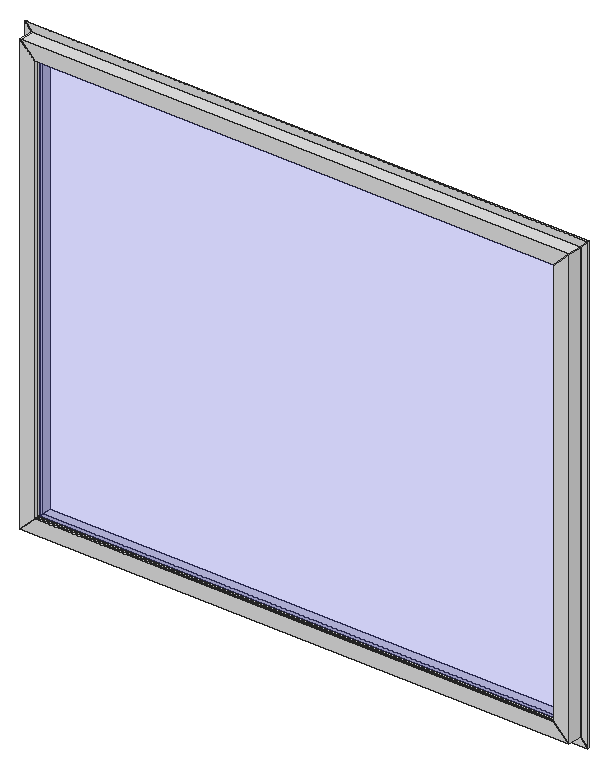
Revit family "511_PW_Stucco-key", category Windows, host Wall, Revit 2016
Family settings
  Host = Wall
  OmniClass Number = 23.30.20.00
  OmniClass Title = Windows
  Always vertical = Yes
  Cut with Voids When Loaded = No
  Shared = No
  Room Calculation Point = No
Parameters (values of type "90x72")
  MLW = 1 / 8 * Width  # 11 1/4"
  Interior Color [instance] = White
  Height = 72"
  Exterior Color [instance] = White
  Default Sill Height = 31.49606"
  Wall Closure = By host
  Width = 90"
Types (188): name | MLW | Interior Color | Height | Exterior Color | Width
  (no name) | 11 1/4" | White | 72" | White | 90"
  24x24 | 3" | none | 24" | none | 24"
  60x60 | 7 1/2" | none | 60" | none | 60"
  12x12Min | 1 1/2" | none | 12" | none | 12"
  60x120Max | 7 1/2" | none | 120" | none | 60"
  72x100Max | 9" | none | 100" | none | 72"
  36x36 | 4 1/2" | none | 36" | none | 36"
  48x48 | 6" | none | 48" | none | 48"
  72x72 | 9" | none | 72" | none | 72"
  84x84 | 10 1/2" | none | 84" | none | 84"
  12x24 | 1 1/2" | none | 24" | none | 12"
  12x30 | 1 1/2" | none | 30" | none | 12"
  12x36 | 1 1/2" | none | 36" | none | 12"
  12x42 | 1 1/2" | none | 42" | none | 12"
  12x48 | 1 1/2" | none | 48" | none | 12"
  12x54 | 1 1/2" | none | 54" | none | 12"
  12x60 | 1 1/2" | none | 60" | none | 12"
  24x12 | 3" | none | 12" | none | 24"
  24x30 | 3" | none | 30" | none | 24"
  12x18 | 1 1/2" | none | 18" | none | 12"
  24x18 | 3" | none | 18" | none | 24"
  24x36 | 3" | none | 36" | none | 24"
  24x42 | 3" | none | 42" | none | 24"
  24x48 | 3" | none | 48" | none | 24"
  24x54 | 3" | none | 54" | none | 24"
  24x60 | 3" | none | 60" | none | 24"
  24x66 | 3" | none | 66" | none | 24"
  24x72 | 3" | none | 72" | none | 24"
  24x78 | 3" | none | 78" | none | 24"
  30x12 | 3 3/4" | none | 12" | none | 30"
  18x12 | 2 1/4" | none | 12" | none | 18"
  18x18 | 2 1/4" | none | 18" | none | 18"
  18x24 | 2 1/4" | none | 24" | none | 18"
  18x30 | 2 1/4" | none | 30" | none | 18"
  18x36 | 2 1/4" | none | 36" | none | 18"
  18x42 | 2 1/4" | none | 42" | none | 18"
  18x48 | 2 1/4" | none | 48" | none | 18"
  18x54 | 2 1/4" | none | 54" | none | 18"
  18x60 | 2 1/4" | none | 60" | none | 18"
  18x66 | 2 1/4" | none | 66" | none | 18"
  30x18 | 3 3/4" | none | 18" | none | 30"
  30x24 | 3 3/4" | none | 24" | none | 30"
  30x30 | 3 3/4" | none | 30" | none | 30"
  30x36 | 3 3/4" | none | 36" | none | 30"
  30x42 | 3 3/4" | none | 42" | none | 30"
  30x48 | 3 3/4" | none | 48" | none | 30"
  30x54 | 3 3/4" | none | 54" | none | 30"
  30x60 | 3 3/4" | none | 60" | none | 30"
  30x66 | 3 3/4" | none | 66" | none | 30"
  30x72 | 3 3/4" | none | 72" | none | 30"
  30x78 | 3 3/4" | none | 78" | none | 30"
  30x84 | 3 3/4" | none | 84" | none | 30"
  30x90 | 3 3/4" | none | 90" | none | 30"
  30x96 | 3 3/4" | none | 96" | none | 30"
  36x12 | 4 1/2" | none | 12" | none | 36"
  36x18 | 4 1/2" | none | 18" | none | 36"
  36x24 | 4 1/2" | none | 24" | none | 36"
  36x30 | 4 1/2" | none | 30" | none | 36"
  36x42 | 4 1/2" | none | 42" | none | 36"
  36x48 | 4 1/2" | none | 48" | none | 36"
  36x54 | 4 1/2" | none | 54" | none | 36"
  36x60 | 4 1/2" | none | 60" | none | 36"
  36x66 | 4 1/2" | none | 66" | none | 36"
  36x72 | 4 1/2" | none | 72" | none | 36"
  36x78 | 4 1/2" | none | 78" | none | 36"
  36x84 | 4 1/2" | none | 84" | none | 36"
  36x90 | 4 1/2" | none | 90" | none | 36"
  36x96 | 4 1/2" | none | 96" | none | 36"
  36x102 | 4 1/2" | none | 102" | none | 36"
  42x12 | 5 1/4" | none | 12" | none | 42"
  42x18 | 5 1/4" | none | 18" | none | 42"
  42x24 | 5 1/4" | none | 24" | none | 42"
  42x30 | 5 1/4" | none | 30" | none | 42"
  42x36 | 5 1/4" | none | 36" | none | 42"
  42x42 | 5 1/4" | none | 42" | none | 42"
  42x48 | 5 1/4" | none | 48" | none | 42"
  42x54 | 5 1/4" | none | 54" | none | 42"
  42x60 | 5 1/4" | none | 60" | none | 42"
  42x66 | 5 1/4" | none | 66" | none | 42"
  42x72 | 5 1/4" | none | 72" | none | 42"
  42x78 | 5 1/4" | none | 78" | none | 42"
  42x84 | 5 1/4" | none | 84" | none | 42"
  42x90 | 5 1/4" | none | 90" | none | 42"
  42x96 | 5 1/4" | none | 96" | none | 42"
  42x102 | 5 1/4" | none | 102" | none | 42"
  42x108 | 5 1/4" | none | 108" | none | 42"
  42x114 | 5 1/4" | none | 114" | none | 42"
  42x120 | 5 1/4" | none | 120" | none | 42"
  48x12 | 6" | none | 12" | none | 48"
  48x18 | 6" | none | 18" | none | 48"
  48x24 | 6" | none | 24" | none | 48"
  48x30 | 6" | none | 30" | none | 48"
  48x36 | 6" | none | 36" | none | 48"
  48x42 | 6" | none | 42" | none | 48"
  48x54 | 6" | none | 54" | none | 48"
  48x60 | 6" | none | 60" | none | 48"
  48x66 | 6" | none | 66" | none | 48"
  48x72 | 6" | none | 72" | none | 48"
  48x78 | 6" | none | 78" | none | 48"
  48x84 | 6" | none | 84" | none | 48"
  48x90 | 6" | none | 90" | none | 48"
  48x96 | 6" | none | 96" | none | 48"
  48x102 | 6" | none | 102" | none | 48"
  48x108 | 6" | none | 108" | none | 48"
  48x114 | 6" | none | 114" | none | 48"
  48x120 | 6" | none | 120" | none | 48"
  54x12 | 6 3/4" | none | 12" | none | 54"
  54x18 | 6 3/4" | none | 18" | none | 54"
  54x24 | 6 3/4" | none | 24" | none | 54"
  54x30 | 6 3/4" | none | 30" | none | 54"
  54x36 | 6 3/4" | none | 36" | none | 54"
  54x42 | 6 3/4" | none | 42" | none | 54"
  54x48 | 6 3/4" | none | 48" | none | 54"
  54x54 | 6 3/4" | none | 54" | none | 54"
  54x60 | 6 3/4" | none | 60" | none | 54"
  54x66 | 6 3/4" | none | 66" | none | 54"
  54x72 | 6 3/4" | none | 72" | none | 54"
  54x78 | 6 3/4" | none | 78" | none | 54"
  54x84 | 6 3/4" | none | 84" | none | 54"
  54x90 | 6 3/4" | none | 90" | none | 54"
  54x96 | 6 3/4" | none | 96" | none | 54"
  54x102 | 6 3/4" | none | 102" | none | 54"
  54x108 | 6 3/4" | none | 108" | none | 54"
  54x114 | 6 3/4" | none | 114" | none | 54"
  54x120 | 6 3/4" | none | 120" | none | 54"
  60x18 | 7 1/2" | none | 18" | none | 60"
  60x24 | 7 1/2" | none | 24" | none | 60"
  60x30 | 7 1/2" | none | 30" | none | 60"
  60x36 | 7 1/2" | none | 36" | none | 60"
  60x42 | 7 1/2" | none | 42" | none | 60"
  60x48 | 7 1/2" | none | 48" | none | 60"
  60x54 | 7 1/2" | none | 54" | none | 60"
  60x66 | 7 1/2" | none | 66" | none | 60"
  60x72 | 7 1/2" | none | 72" | none | 60"
  60x78 | 7 1/2" | none | 78" | none | 60"
  60x84 | 7 1/2" | none | 84" | none | 60"
  60x90 | 7 1/2" | none | 90" | none | 60"
  60x96 | 7 1/2" | none | 96" | none | 60"
  60x102 | 7 1/2" | none | 102" | none | 60"
  60x108 | 7 1/2" | none | 108" | none | 60"
  60x114 | 7 1/2" | none | 114" | none | 60"
  66x24 | 8 1/4" | none | 24" | none | 66"
  66x30 | 8 1/4" | none | 30" | none | 66"
  66x36 | 8 1/4" | none | 36" | none | 66"
  66x42 | 8 1/4" | none | 42" | none | 66"
  66x48 | 8 1/4" | none | 48" | none | 66"
  66x54 | 8 1/4" | none | 54" | none | 66"
  66x60 | 8 1/4" | none | 60" | none | 66"
  66x66 | 8 1/4" | none | 66" | none | 66"
  66x72 | 8 1/4" | none | 72" | none | 66"
  66x78 | 8 1/4" | none | 78" | none | 66"
  66x84 | 8 1/4" | none | 84" | none | 66"
  66x90 | 8 1/4" | none | 90" | none | 66"
  66x96 | 8 1/4" | none | 96" | none | 66"
  66x102 | 8 1/4" | none | 102" | none | 66"
  66x108 | 8 1/4" | none | 108" | none | 66"
  72x30 | 9" | none | 30" | none | 72"
  72x36 | 9" | none | 36" | none | 72"
  72x42 | 9" | none | 42" | none | 72"
  72x48 | 9" | none | 48" | none | 72"
  72x54 | 9" | none | 54" | none | 72"
  72x60 | 9" | none | 60" | none | 72"
  72x66 | 9" | none | 66" | none | 72"
  72x78 | 9" | none | 78" | none | 72"
  72x84 | 9" | none | 84" | none | 72"
  72x90 | 9" | none | 90" | none | 72"
  72x96 | 9" | none | 96" | none | 72"
  78x90 | 9 3/4" | none | 90" | none | 78"
  78x36 | 9 3/4" | none | 36" | none | 78"
  78x42 | 9 3/4" | none | 42" | none | 78"
  78x48 | 9 3/4" | none | 48" | none | 78"
  78x54 | 9 3/4" | none | 54" | none | 78"
  78x60 | 9 3/4" | none | 60" | none | 78"
  78x66 | 9 3/4" | none | 66" | none | 78"
  78x72 | 9 3/4" | none | 72" | none | 78"
  78x78 | 9 3/4" | none | 78" | none | 78"
  78x84 | 9 3/4" | none | 84" | none | 78"
  84x42 | 10 1/2" | none | 42" | none | 84"
  84x48 | 10 1/2" | none | 48" | none | 84"
  84x54 | 10 1/2" | none | 54" | none | 84"
  84x60 | 10 1/2" | none | 60" | none | 84"
  84x66 | 10 1/2" | none | 66" | none | 84"
  84x72 | 10 1/2" | none | 72" | none | 84"
  84x78 | 10 1/2" | none | 78" | none | 84"
  90x78 | 11 1/4" | none | 78" | none | 90"
  90x60 | 11 1/4" | none | 60" | none | 90"
  90x66 | 11 1/4" | none | 66" | none | 90"
  90x72 | 11 1/4" | White | 72" | White | 90"
Reference planes (in)
  plane 1 "Center (Front/Back)": y = 0
  plane 2 "Center (Left/Right)": x = 0
  plane 3 "Left": x = -45
  plane 4 "Right": x = 45
  plane 5 "Sill": z = 31.49606
  plane 6 "Head": z = 103.49606
  plane 7 "Exterior": y = 3.93701
  plane 8 "Interior": y = -3.93701
  plane 9 "Front of wall": y = 3.93701
  plane 10: z = 33.55806
  plane 11: z = 101.45106
  plane 12: x = -42.955
  plane 13: x = 42.937
Forms (in)
  Extrusion 1, solid, material "White" <- "Interior Color"
    sketch origin (0, 0, 0) x (0, -1, 0) y (0, 0, 1)
      loop
        line (-4.41488, 34.06228) -> (-4.41488, 32.14817) -> (-5.01201, 32.06425) -> (-5.01201, 31.29606) -> (-4.94701, 31.29606) -> (-4.94701, 31.49606) -> (-4.01201, 31.49606) -> (-4.01201, 30.24606) -> (-3.93701, 30.24606) -> (-3.93701, 31.49606) -> (-1.51201, 31.49606) -> (-1.51201, 33.87106) -> (-1.88701, 33.87106) -> (-1.88701, 34.05906) -> (-2.13751, 34.05906) -> (-2.13751, 33.55806) -> (-2.88201, 33.55806) -> (-2.88201, 34.06228) -> (-4.41488, 34.06228)
    from -46.25 to 46.25
  Extrusion 2, solid, material "White" <- "Interior Color"
    sketch origin (0, 0, 0) x (0, -1, 0) y (0, 0, 1)
      loop
        line (-4.01201, 104.74606) -> (-4.01201, 103.49606) -> (-4.94701, 103.49606) -> (-4.94701, 103.69606) -> (-5.01201, 103.69606) -> (-5.01201, 102.92787) -> (-4.41495, 102.84396) -> (-4.41495, 100.94771) -> (-2.88201, 100.94771) -> (-2.88201, 101.45106) -> (-2.13751, 101.45106) -> (-2.13751, 100.95106) -> (-1.88701, 100.95106) -> (-1.88701, 101.12106) -> (-1.51201, 101.12106) -> (-1.51201, 103.49606) -> (-3.93701, 103.49606) -> (-3.93701, 104.74606) -> (-4.01201, 104.74606)
    from -46.25 to 46.25
  Extrusion 3, solid, material "White" <- "Interior Color"
    sketch origin (0, 0, 31.49606) x (0, -1, 0) y (1, 0, 0)
      loop
        line (-2.88201, -42.45165) -> (-4.41495, -42.45165) -> (-4.41495, -44.3479) -> (-5.01201, -44.43181) -> (-5.01201, -45.2) -> (-4.94701, -45.2) -> (-4.94701, -45) -> (-4.01201, -45) -> (-4.01201, -46.25) -> (-3.93701, -46.25) -> (-3.93701, -45) -> (-1.51201, -45) -> (-1.51201, -42.625) -> (-1.88701, -42.625) -> (-1.88701, -42.437) -> (-2.13751, -42.437) -> (-2.13751, -42.955) -> (-2.88201, -42.955) -> (-2.88201, -42.45165)
    from -1.25 to 73.25
  Extrusion 4, solid, material "White" <- "Interior Color"
    sketch origin (0, 0, 31.49606) x (0, -1, 0) y (1, 0, 0)
      loop
        line (-5.01201, 44.43181) -> (-4.41495, 44.3479) -> (-4.41495, 42.43365) -> (-2.88201, 42.43365) -> (-2.88201, 42.937) -> (-2.13751, 42.937) -> (-2.13751, 42.437) -> (-1.88701, 42.437) -> (-1.88701, 42.625) -> (-1.51201, 42.625) -> (-1.51201, 45) -> (-3.93701, 45) -> (-3.93701, 46.25) -> (-4.01201, 46.25) -> (-4.01201, 45) -> (-4.94765, 45) -> (-4.94765, 45.2) -> (-5.01201, 45.2) -> (-5.01201, 44.43181)
    from -1.25 to 73.25
  Sweep 5, void
    path in 3D
      loop
        line (42.35727, 12.08595, 103.49606) -> (42.35727, 3.93701, 103.49606)
    profile origin (42.35727, 8.01148, 103.49606) x (1, 0, 0) y (0, 0, 1)
      loop
        line (4.34438, 1.70165) -> (-0.40226, 1.70165) -> (-0.40226, -2.54835) -> (1.99063, -2.54835) -> (1.99063, -0.6521) -> (4.34438, 1.70165)
  Sweep 6, void
    path in 3D
      loop
        line (42.35727, 12.08595, 103.49606) -> (42.35727, 3.93701, 103.49606)
    profile origin (42.35727, 8.01148, 103.49606) x (1, 0, 0) y (0, 0, 1)
      loop
        line (1.99063, -0.6521) -> (1.99063, -3.22812) -> (4.24063, -3.22812) -> (4.24063, 1.5979) -> (1.99063, -0.6521)
  Sweep 7, void
    path in 3D
      loop
        line (-39.97555, 11.67142, 103.49606) -> (-39.97555, 3.93701, 103.49606)
    profile origin (-39.97555, 7.80422, 103.49606) x (1, 0, 0) y (0, 0, 1)
      loop
        line (-6.4761, 1.45165) -> (-4.37235, -0.6521) -> (-4.37235, -2.54835) -> (-2.05006, -2.54835) -> (-2.05006, 1.45165) -> (-6.4761, 1.45165)
  Sweep 8, void
    path in 3D
      loop
        line (-39.97555, 11.67142, 103.49606) -> (-39.97555, 3.93701, 103.49606)
    profile origin (-39.97555, 7.80422, 103.49606) x (1, 0, 0) y (0, 0, 1)
      loop
        line (-7.10729, 2.08284) -> (-7.10729, -3.32175) -> (-4.37235, -3.03429) -> (-4.37235, -0.6521) -> (-7.10729, 2.08284)
  Sweep 9, void
    path in 3D
      loop
        line (-38.47555, 11.67142, 31.49606) -> (-38.47555, 3.93701, 31.49606)
    profile origin (-38.47555, 7.80422, 31.49606) x (1, 0, 0) y (0, 0, 1)
      loop
        line (-8.06956, -1.54511) -> (-3.49602, -1.54511) -> (-3.49602, 2.56621) -> (-5.87235, 2.56621) -> (-5.87235, 0.6521) -> (-8.06956, -1.54511)
  Sweep 10, void
    path in 3D
      loop
        line (-38.47555, 11.67142, 31.49606) -> (-38.47555, 3.93701, 31.49606)
    profile origin (-38.47555, 7.80422, 31.49606) x (1, 0, 0) y (0, 0, 1)
      loop
        line (-5.87235, 0.6521) -> (-5.87235, 2.9021) -> (-8.03999, 2.9021) -> (-8.03999, -1.51554) -> (-5.87235, 0.6521)
  Sweep 11, void
    path in 3D
      loop
        line (40.85727, 12.08595, 31.49606) -> (40.85727, 3.93701, 31.49606)
    profile origin (40.85727, 8.01148, 31.49606) x (1, 0, 0) y (0, 0, 1)
      loop
        line (5.62605, -1.48331) -> (3.49063, 0.6521) -> (3.49063, 2.56621) -> (1.24063, 2.56621) -> (1.24063, -1.48331) -> (5.62605, -1.48331)
  Sweep 12, void
    path in 3D
      loop
        line (40.85727, 12.08595, 31.49606) -> (40.85727, 3.93701, 31.49606)
    profile origin (40.85727, 8.01148, 31.49606) x (1, 0, 0) y (0, 0, 1)
      loop
        line (5.80857, -1.66584) -> (5.80857, 3.1521) -> (3.49063, 3.1521) -> (3.49063, 0.6521) -> (5.80857, -1.66584)
  Extrusion 13, void
    sketch origin (0, 3.93701, 0) x (1, 0, 0) y (0, 0, 1)
      loop
        line (-47.08284, 105.5789) -> (-47.08284, 100.13731) -> (-41.64124, 100.13731) -> (-47.08284, 105.5789)
    from 0 to 12
  Extrusion 14, void
    sketch origin (0, 3.93701, 0) x (1, 0, 0) y (0, 0, 1)
      loop
        line (-42.13892, 100.63498) -> (-42.13892, 105.74399) -> (-47.24792, 105.74399) -> (-42.13892, 100.63498)
    from 0 to 12
  Extrusion 15, void
    sketch origin (0, 3.93701, 0) x (1, 0, 0) y (0, 0, 1)
      loop
        line (47, 105.49606) -> (41.64124, 105.49606) -> (41.64124, 100.13731) -> (47, 105.49606)
    from 0 to 12
  Extrusion 16, void
    sketch origin (0, 3.93701, 0) x (1, 0, 0) y (0, 0, 1)
      loop
        line (48.25984, 106.75591) -> (41.81802, 100.31408) -> (48.25984, 100.31408) -> (48.25984, 106.75591)
    from 0 to 12
  Extrusion 17, void
    sketch origin (0, 3.93701, 0) x (1, 0, 0) y (0, 0, 1)
      loop
        line (41.47253, 35.02353) -> (41.47253, 28.8536) -> (47.64247, 28.8536) -> (41.47253, 35.02353)
    from 0 to 12
  Extrusion 18, void
    sketch origin (0, 3.93701, 0) x (1, 0, 0) y (0, 0, 1)
      loop
        line (47.25984, 29.23622) -> (47.25984, 34.67804) -> (41.81802, 34.67804) -> (47.25984, 29.23622)
    from 0 to 12
  Extrusion 19, void
    sketch origin (0, 3.93701, 0) x (1, 0, 0) y (0, 0, 1)
      loop
        line (-41.97981, 34.53411) -> (-48.17084, 34.53411) -> (-48.17084, 28.34308) -> (-41.97981, 34.53411)
    from 0 to 12
  Extrusion 20, void
    sketch origin (0, 3.93701, 0) x (1, 0, 0) y (0, 0, 1)
      loop
        line (-42.21929, 34.29463) -> (-47.51786, 28.99606) -> (-42.21929, 28.99606) -> (-42.21929, 34.29463)
    from 0 to 12
  Extrusion 21, solid, material "Glass"
    sketch origin (0, 0, 0) x (0, -1, 0) y (0, 0, 1)
      loop
        line (-2.88201, 101.45106) -> (-2.88201, 33.55806) -> (-2.13751, 33.55806) -> (-2.13751, 101.45106) -> (-2.88201, 101.45106)
    from -42.937 to 42.955
Cuts and joins
  Sweep 5, Sweep 11, Extrusion 15, Extrusion 17 cuts Extrusion 4
  Sweep 6, Sweep 8, Extrusion 13, Extrusion 16 cuts Extrusion 2
  Sweep 7, Sweep 9, Extrusion 14, Extrusion 20 cuts Extrusion 3
  Sweep 10, Sweep 12, Extrusion 18, Extrusion 19 cuts Extrusion 1
Lines and regions (in)
  Opening 1
    outline origin (137.79528, -3.93701, 0) x (1, 0, 0) y (0, 0, 1)
      loop
        line (-92.79528, 31.49606) -> (-92.79528, 103.49606) -> (-182.79528, 103.49606) -> (-182.79528, 31.49606) -> (-92.79528, 31.49606)
  reference lines
    curve 1: line (-39.97555, 11.67142, 103.49606) -> (-39.97555, 3.93701, 103.49606)
    curve 2: line (-38.47555, 11.67142, 31.49606) -> (-38.47555, 3.93701, 31.49606)
    curve 3: line (40.85727, 12.08595, 31.49606) -> (40.85727, 3.93701, 31.49606)
    curve 4: line (42.35727, 12.08595, 103.49606) -> (42.35727, 3.93701, 103.49606)
    curve 13: line (2.5, 3.93701, 69.99606) -> (-2.5, 3.93701, 69.99606)
    curve 14: line (2.5, 3.93701, 64.99606) -> (2.5, 3.93701, 69.99606)
    curve 15: line (-2.5, 3.93701, 64.99606) -> (2.5, 3.93701, 64.99606)
    curve 16: line (-2.5, 3.93701, 69.99606) -> (-2.5, 3.93701, 64.99606)
    curve 20: line (0, 3.93701, 64.99606) -> (0, 3.93701, 71.49606)
    curve 21: line (2.5, 3.93701, 67.49606) -> (-5, 3.93701, 67.49606)
    curve 22: line (2.5, 0, 69.99606) -> (-2.5, 0, 69.99606)
    curve 23: line (2.5, 0, 64.99606) -> (2.5, 0, 69.99606)
    curve 24: line (-2.5, 0, 64.99606) -> (2.5, 0, 64.99606)
    curve 25: line (-2.5, 0, 69.99606) -> (-2.5, 0, 64.99606)
    curve 26: line (0, 0, 64.99606) -> (0, 0, 72.49606)
    curve 27: line (2.5, 0, 67.49606) -> (-4.5, 0, 67.49606)
  sketch lines
    curve 5: line (42.35727, 12.08595, 103.49606) -> (42.35727, 3.93701, 103.49606)
    curve 6: line (42.35727, 12.08595, 103.49606) -> (42.35727, 3.93701, 103.49606)
    curve 7: line (-39.97555, 11.67142, 103.49606) -> (-39.97555, 3.93701, 103.49606)
    curve 8: line (-39.97555, 11.67142, 103.49606) -> (-39.97555, 3.93701, 103.49606)
    curve 9: line (-38.47555, 11.67142, 31.49606) -> (-38.47555, 3.93701, 31.49606)
    curve 10: line (-38.47555, 11.67142, 31.49606) -> (-38.47555, 3.93701, 31.49606)
    curve 11: line (40.85727, 12.08595, 31.49606) -> (40.85727, 3.93701, 31.49606)
    curve 12: line (40.85727, 12.08595, 31.49606) -> (40.85727, 3.93701, 31.49606)
  model lines
    curve 17: line (2.5, 3.93701, 69.99606) -> (-2.5, 3.93701, 64.99606)
    curve 18: line (-2.5, 3.93701, 67.49606) -> (0, 3.93701, 69.99606)
    curve 19: line (0, 3.93701, 64.99606) -> (2.5, 3.93701, 67.49606)
  symbolic lines
    curve 28: line (0, 0, 64.99606) -> (2.5, 0, 67.49606)
    curve 29: line (0, 0, 69.99606) -> (-2.5, 0, 67.49606)
    curve 30: line (-2.5, 0, 64.99606) -> (2.5, 0, 69.99606)
Text (in)
  text "EXTERIOR" at (-77.29147, 52.45485, 0), in view "Ref. Level"
  text "INTERIOR" at (-78.01048, -32.21994, 0), in view "Ref. Level"
  text "Exterior" at (0, 36.36817, 115.8778), in view "Right"
  text "Exterior" at (0, 40.96394, 105.72475), in view "Left"
Dimensions and locks (in)
  equal spacing: plane 3 "Left", plane 2 "Center (Left/Right)", plane 4 "Right"
  "Width": plane 3 "Left" to plane 4 "Right"
  "Height": plane 5 "Sill" to plane 6 "Head"
  "Default Sill Height": plane 5 "Sill" to level
  locked: plane 7 "Exterior" to host wall at 0
  locked: plane 8 "Interior" to host wall
  locked: plane 5 "Sill" to plane 10 at 2.062
  locked: Extrusion 1 sketch curve to plane 5 "Sill" at 1.25
  locked: plane 9 "Front of wall" to Extrusion 1 sketch curve at 2.425
  locked: Extrusion 1 sketch curve to Extrusion 1 sketch curve at 2.375
  locked: plane 11 to plane 6 "Head" at 2.045
  locked: Extrusion 2 sketch curve to Extrusion 2 sketch curve at 2.375
  locked: plane 9 "Front of wall" to Extrusion 2 sketch curve at 2.425
  locked: plane 6 "Head" to Extrusion 2 sketch curve at 1.25
  locked: plane 13 to plane 4 "Right" at 2.063
  locked: plane 3 "Left" to plane 12 at 2.045
  locked: Extrusion 3 sketch curve to plane 9 "Front of wall" at 2.425
  locked: Extrusion 3 sketch curve to Extrusion 3 sketch curve at 2.375
  locked: Extrusion 3 sketch curve to plane 3 "Left" at 1.25
  locked: Extrusion 4 sketch curve to plane 9 "Front of wall" at 2.425
  locked: Extrusion 4 sketch curve to Extrusion 4 sketch curve at 2.375
  locked: plane 4 "Right" to Extrusion 4 sketch curve at 1.25
  equal spacing: curve 18, curve 17, curve 19
  locked: curve 14 to curve 16 at 5
  locked: curve 15 to curve 13 at 5
  equal spacing: curve 16, curve 20, curve 14
  equal spacing: curve 15, curve 21, curve 13
  equal spacing: plane 5 "Sill", curve 21, plane 6 "Head"
  equal spacing: plane 3 "Left", curve 20, plane 4 "Right"
  locked: curve 23 to curve 25 at 5
  locked: curve 24 to curve 22 at 5
  equal spacing: curve 25, curve 26, curve 23
  equal spacing: curve 24, curve 27, curve 22
  locked: curve 25 to curve 29 at 2.5
  locked: curve 25 to curve 28 at 2.5
  locked: curve 28 to curve 24 at 2.5
  locked: curve 29 to curve 24 at 2.5
  locked: curve 23 to curve 30 at 5
  equal spacing: plane 6 "Head", curve 27, plane 5 "Sill"
  equal spacing: plane 3 "Left", curve 26, plane 4 "Right"
  aligned and locked: plane 9 "Front of wall" to host wall
  aligned and locked: plane 10 to Extrusion 1 sketch curve
  aligned and locked: Extrusion 1 sketch curve to plane 9 "Front of wall"
  aligned and locked: Extrusion 1 sketch curve to plane 5 "Sill"  (x2)
  aligned and locked: plane 11 to Extrusion 2 sketch curve
  aligned and locked: plane 9 "Front of wall" to Extrusion 2 sketch curve
  aligned and locked: Extrusion 2 sketch curve to plane 6 "Head"  (x2)
  aligned and locked: plane 9 "Front of wall" to Extrusion 3 sketch curve
  aligned and locked: plane 3 "Left" to Extrusion 3 sketch curve  (x2)
  aligned and locked: Extrusion 3 sketch curve to plane 12
  aligned and locked: plane 9 "Front of wall" to Extrusion 4 sketch curve
  aligned and locked: Extrusion 4 sketch curve to plane 4 "Right"  (x2)
  aligned and locked: plane 13 to Extrusion 4 sketch curve
  aligned and locked: Extrusion 4 to Extrusion 1  (x2)
  aligned and locked: Extrusion 1 to Extrusion 3  (x2)
  aligned and locked: Extrusion 2 to Extrusion 4  (x2)
  aligned and locked: Extrusion 3 to Extrusion 2  (x2)
  aligned and locked: plane 9 "Front of wall" to curve 3
  aligned and locked: plane 9 "Front of wall" to curve 4
  aligned and locked: plane 9 "Front of wall" to curve 2
  aligned and locked: plane 9 "Front of wall" to curve 1
  aligned and locked: plane 11 to Extrusion 21 sketch curve
  aligned and locked: plane 10 to Extrusion 21 sketch curve
  aligned and locked: Extrusion 21 to plane 13
  aligned and locked: plane 12 to Extrusion 21
  aligned and locked: curve 13 to curve 16
  aligned and locked: curve 16 to curve 16
  aligned and locked: curve 14 to curve 14
  aligned and locked: curve 16 to curve 17
  aligned and locked: curve 17 to curve 13
  aligned and locked: curve 13 to curve 18
  aligned and locked: curve 16 to curve 18
  aligned and locked: curve 15 to curve 19
  aligned and locked: curve 14 to curve 19
  aligned and locked: curve 22 to curve 25
  aligned and locked: curve 25 to curve 25
  aligned and locked: curve 23 to curve 23
  aligned and locked: curve 25 to curve 29
  aligned and locked: curve 24 to curve 28
  aligned and locked: curve 23 to curve 28
  aligned and locked: curve 22 to curve 29
  aligned and locked: curve 23 to curve 30
  aligned and locked: curve 30 to curve 24
Automatic sketch dimensions
  Opening 1 sketch curve to plane 3 "Left" = 0"
  Opening 1 sketch curve to plane 4 "Right" = 0"
  Opening 1 sketch curve to plane 5 "Sill" = 0"
  Opening 1 sketch curve to plane 6 "Head" = 0"
  Extrusion 1 sketch curve to plane 10 = 0.50421"
  host wall to Extrusion 1 sketch curve = 0.47787"
  Extrusion 1 sketch curve to Extrusion 1 sketch curve = 0.188"
  Extrusion 1 sketch curve to Extrusion 1 sketch curve = 3/8"
  Extrusion 1 sketch curve to plane 5 "Sill" = 0.65211"
  Extrusion 1 sketch curve to Extrusion 1 sketch curve = 0.59713"
  Extrusion 1 sketch curve to plane 5 "Sill" = 0.56819"
  plane 5 "Sill" to Extrusion 1 sketch curve = 0.2"
  Extrusion 1 sketch curve to Extrusion 1 sketch curve = 0.065"
  host wall to Extrusion 1 sketch curve = 0.075"
  host wall to Extrusion 2 sketch curve = 0.075"
  Extrusion 2 sketch curve to plane 6 "Head" = 0.2"
  Extrusion 2 sketch curve to Extrusion 2 sketch curve = 0.935"
  Extrusion 2 sketch curve to Extrusion 2 sketch curve = 0.065"
  Extrusion 2 sketch curve to Extrusion 2 sketch curve = 0.6255"
  Extrusion 2 sketch curve to Extrusion 2 sketch curve = 0.2505"
  plane 6 "Head" to Extrusion 2 sketch curve = 0.56819"
  Extrusion 2 sketch curve to Extrusion 2 sketch curve = 0.17"
  Extrusion 2 sketch curve to Extrusion 2 sketch curve = 0.7445"
  host wall to Extrusion 2 sketch curve = 0.47794"
  Extrusion 2 sketch curve to Extrusion 2 sketch curve = 0.08391"
  host wall to Extrusion 3 sketch curve = 0.47794"
  Extrusion 3 sketch curve to plane 3 "Left" = 0.6521"
  Extrusion 3 sketch curve to Extrusion 3 sketch curve = 0.075"
  Extrusion 3 sketch curve to Extrusion 3 sketch curve = 0.53206"
  plane 3 "Left" to Extrusion 3 sketch curve = 0.2"
  Extrusion 3 sketch curve to Extrusion 3 sketch curve = 0.065"
  Extrusion 3 sketch curve to plane 3 "Left" = 0.56819"
  Extrusion 3 sketch curve to Extrusion 3 sketch curve = 0.7445"
  Extrusion 3 sketch curve to Extrusion 3 sketch curve = 0.2505"
  Extrusion 3 sketch curve to Extrusion 3 sketch curve = 3/8"
  Extrusion 3 sketch curve to Extrusion 3 sketch curve = 0.188"
  host wall to Extrusion 4 sketch curve = 0.47794"
  plane 4 "Right" to Extrusion 4 sketch curve = 0.6521"
  Extrusion 4 sketch curve to Extrusion 4 sketch curve = 0.59706"
  plane 4 "Right" to Extrusion 4 sketch curve = 0.56819"
  host wall to Extrusion 4 sketch curve = 0.075"
  Extrusion 4 sketch curve to plane 4 "Right" = 0.2"
  Extrusion 4 sketch curve to Extrusion 4 sketch curve = 0.06436"
  Extrusion 4 sketch curve to Extrusion 4 sketch curve = 3/8"
  Extrusion 4 sketch curve to Extrusion 4 sketch curve = 0.7445"
  plane 13 to Extrusion 4 sketch curve = 0.50335"
  plane 13 to curve 3 = 2.07973"
  host wall to curve 2 = 7.73442"
  curve 3 to curve 3 = 8.14894"
  curve 2 to plane 12 = 4.47945"
  curve 1 to plane 12 = 2.97945"
  host wall to curve 1 = 7.73442"
  plane 13 to curve 4 = 0.57973"
  host wall to curve 4 = 8.14894"
  profile plane to Sweep 5 sketch curve = 0.40226"
  Sweep 5 sketch curve to profile plane = 1.99063"
  Sweep 5 sketch curve to profile plane = 2.54835"
  Sweep 5 sketch curve to profile plane = 0.6521"
  Sweep 5 sketch curve to profile plane = 4.34438"
  profile plane to Sweep 5 sketch curve = 1.70165"
  Sweep 6 sketch curve to profile plane = 1.99063"
  Sweep 6 sketch curve to profile plane = 3.22812"
  Sweep 6 sketch curve to profile plane = 0.6521"
  Sweep 6 sketch curve to Sweep 6 sketch curve = 2 1/4"
  profile plane to Sweep 6 sketch curve = 1.5979"
  Sweep 7 sketch curve to profile plane = 0.6521"
  profile plane to Sweep 7 sketch curve = 4.37235"
  profile plane to Sweep 7 sketch curve = 2.05006"
  Sweep 7 sketch curve to profile plane = 2.54835"
  Sweep 7 sketch curve to Sweep 7 sketch curve = 2.10375"
  profile plane to Sweep 7 sketch curve = 1.45165"
  profile plane to Sweep 8 sketch curve = 4.37235"
  Sweep 8 sketch curve to profile plane = 3.03429"
  Sweep 8 sketch curve to profile plane = 0.6521"
  profile plane to Sweep 8 sketch curve = 2.08284"
  Sweep 8 sketch curve to Sweep 8 sketch curve = 2.73494"
  Sweep 8 sketch curve to profile plane = 3.32175"
  profile plane to Sweep 9 sketch curve = 0.6521"
  profile plane to Sweep 9 sketch curve = 5.87235"
  Sweep 9 sketch curve to Sweep 9 sketch curve = 2.37633"
  profile plane to Sweep 9 sketch curve = 2.56621"
  Sweep 9 sketch curve to profile plane = 1.54511"
  Sweep 9 sketch curve to Sweep 9 sketch curve = 2.19721"
  profile plane to Sweep 10 sketch curve = 2.9021"
  profile plane to Sweep 10 sketch curve = 5.87235"
  profile plane to Sweep 10 sketch curve = 0.6521"
  Sweep 10 sketch curve to Sweep 10 sketch curve = 2.16764"
  Sweep 10 sketch curve to profile plane = 1.51554"
  Sweep 11 sketch curve to profile plane = 1.24063"
  Sweep 11 sketch curve to Sweep 11 sketch curve = 2 1/4"
  profile plane to Sweep 11 sketch curve = 0.6521"
  profile plane to Sweep 11 sketch curve = 2.56621"
  Sweep 11 sketch curve to Sweep 11 sketch curve = 4.38541"
  Sweep 11 sketch curve to profile plane = 1.48331"
  profile plane to Sweep 12 sketch curve = 0.6521"
  Sweep 12 sketch curve to profile plane = 3.49063"
  Sweep 12 sketch curve to Sweep 12 sketch curve = 2 1/2"
  Sweep 12 sketch curve to profile plane = 1.66584"
  Sweep 12 sketch curve to Sweep 12 sketch curve = 2.31794"
  plane 3 "Left" to Extrusion 13 sketch curve = 2.08284"
  Extrusion 13 sketch curve to plane 6 "Head" = 2.08284"
  Extrusion 13 sketch curve to plane 12 = 1.31376"
  plane 11 to Extrusion 13 sketch curve = 1.31376"
  plane 3 "Left" to Extrusion 14 sketch curve = 2.24792"
  Extrusion 14 sketch curve to plane 6 "Head" = 2.24792"
  Extrusion 14 sketch curve to plane 12 = 0.81608"
  plane 11 to Extrusion 14 sketch curve = 0.81608"
  Extrusion 15 sketch curve to plane 4 "Right" = 2"
  Extrusion 15 sketch curve to plane 6 "Head" = 2"
  plane 13 to Extrusion 15 sketch curve = 1.29576"
  plane 11 to Extrusion 15 sketch curve = 1.31376"
  Extrusion 16 sketch curve to plane 6 "Head" = 3.25984"
  plane 13 to Extrusion 16 sketch curve = 1.11898"
  plane 11 to Extrusion 16 sketch curve = 1.13698"
  Extrusion 16 sketch curve to plane 4 "Right" = 3.25984"
  Extrusion 17 sketch curve to plane 4 "Right" = 2.64247"
  plane 5 "Sill" to Extrusion 17 sketch curve = 2.64247"
  plane 13 to Extrusion 17 sketch curve = 1.46447"
  Extrusion 17 sketch curve to plane 10 = 1.46547"
  Extrusion 18 sketch curve to plane 4 "Right" = 2.25984"
  plane 5 "Sill" to Extrusion 18 sketch curve = 2.25984"
  plane 13 to Extrusion 18 sketch curve = 1.11898"
  Extrusion 18 sketch curve to plane 10 = 1.11998"
  plane 3 "Left" to Extrusion 19 sketch curve = 3.17084"
  plane 5 "Sill" to Extrusion 19 sketch curve = 3.15298"
  Extrusion 19 sketch curve to plane 12 = 0.97519"
  Extrusion 19 sketch curve to plane 10 = 0.97605"
  plane 3 "Left" to Extrusion 20 sketch curve = 2.51786"
  plane 5 "Sill" to Extrusion 20 sketch curve = 2 1/2"
  Extrusion 20 sketch curve to plane 12 = 0.73571"
  Extrusion 20 sketch curve to plane 10 = 0.73657"
  curve 17 to curve 19 = 2 1/2"
  curve 18 to curve 19 = 2 1/2"
  curve 18 to curve 17 = 2 1/2"
  curve 19 to curve 17 = 2 1/2"
  curve 13 to curve 20 = 1 1/2"
  curve 21 to curve 13 = 2 1/2"
  curve 22 to curve 26 = 2 1/2"
  curve 27 to curve 22 = 2"
  curve 30 to curve 29 = 0"
  Extrusion 1 sketch curve to Extrusion 1 sketch curve = 0.7445"
  Extrusion 1 sketch curve to Extrusion 1 sketch curve = 0.2505"
  Extrusion 2 sketch curve to Extrusion 2 sketch curve = 0.50335"
  Extrusion 21 sketch curve to host wall = 1.055"
  Extrusion 21 sketch curve to Extrusion 21 sketch curve = 0.7445"
  Extrusion 3 sketch curve to plane 12 = 0.50335"
  Extrusion 4 sketch curve to Extrusion 4 sketch curve = 0.188"
  Extrusion 4 sketch curve to Extrusion 4 sketch curve = 0.2505"
